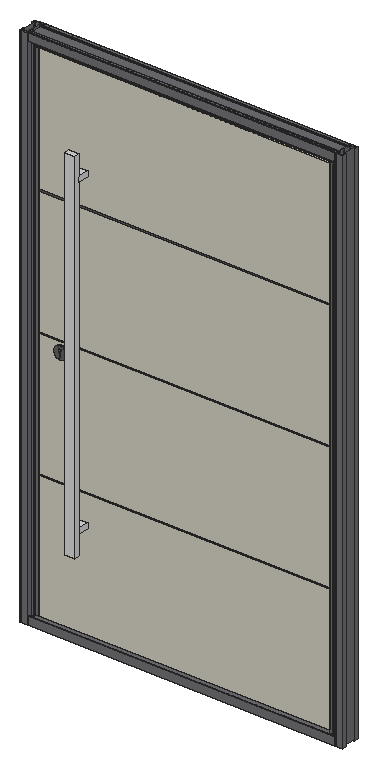
Revit family "YC1321P C7 CHAM RH", category Doors, host Wall, Revit 2024
Family settings
  Host = Wall
  OmniClass Number = 23.30.10.00
  OmniClass Title = Doors
  Always vertical = Yes
  Cut with Voids When Loaded = No
  Shared = No
  Room Calculation Point = No
Parameters
  Function = Interior
  Frame Projection Ext. = 25 mm
  Frame Projection Int. = 25 mm
  Frame Width = 75 mm
  Height = 2120 mm
  Wall Closure = By host
  Width = 1290 mm
  Analytic Construction = "<None>"
Reference planes
  plane 1: y = 0
  plane 2 "Center (Left/Right)": x = 0
  plane 3 "Left": x = -645
  plane 4 "Right": x = 645
  plane 5: z = 2120
  plane 6 "Exterior": y = 75
  plane 7 "Interior": y = -75
  plane 8: z = 33.5
Forms (mm)
  Sweep 1, solid, material "ALUMINIUM CHAR (TEST)"
    path origin (0, 75, 0) x (1, 0, 0) y (0, 0, 1)
      loop
        line (-601.2, 30) -> (-601.2, 2075) -> (600, 2075) -> (600, 30)
    profile origin (-0.6, 75, 2075) x (0, 0, 1) y (0, -1, 0)
      loop
        line (15, 55) -> (2.8, 55) -> (2.8, 61.5) -> (0.5, 61.5) -> (0.5, 88.5) -> (2.8, 88.5) -> (2.8, 95) -> (15, 95) -> (15, 97) -> (-0.5, 97)
        arc (-0.5, 97) -> (-1.207, 96.707) -> (-1.5, 96) r 1
        line (-1.5, 96) -> (-1.5, 93.9) -> (-0.5, 93.9) -> (-0.5, 95) -> (1, 95) -> (1, 90.5) -> (-0.5, 90.5) -> (-0.5, 91.631) -> (-1.5, 91.631) -> (-1.5, 58.369) -> (-0.5, 58.369) -> (-0.5, 59.5) -> (1, 59.5) -> (1, 55) -> (-0.5, 55) -> (-0.5, 56.1) -> (-1.5, 56.1) -> (-1.5, 54)
        arc (-1.5, 54) -> (-1.207, 53.293) -> (-0.5, 53) r 1
        line (-0.5, 53) -> (15, 53) -> (15, 55)
  Extrusion 2, solid, material "ALUMINIUM CHAR (TEST)"
    sketch origin (0, 0, 0) x (0, 1, 0) y (0, 0, 1)
      loop
        line (37.5, 2120) -> (22, 2120) -> (22, 2118.5) -> (24.5, 2118.5) -> (24.5, 2115.5) -> (-24.5, 2115.5) -> (-24.5, 2118.5) -> (-22, 2118.5) -> (-22, 2120) -> (-37.5, 2120) -> (-37.5, 2090) -> (-4.189, 2090) -> (7.651, 2090) -> (37.5, 2090) -> (37.5, 2120)
      loop
        line (32.168, 2118.2) -> (30.896, 2116.928) -> (29.5, 2118.324) -> (28, 2116.824) -> (26.3, 2118.524) -> (26.3, 2115.8)
        arc (26.3, 2115.8) -> (25.685, 2114.315) -> (24.2, 2113.7) r 2.1
        line (24.2, 2113.7) -> (-24.2, 2113.7)
        arc (-24.2, 2113.7) -> (-25.685, 2114.315) -> (-26.3, 2115.8) r 2.1
        line (-26.3, 2115.8) -> (-26.3, 2118.524) -> (-28, 2116.824) -> (-29.5, 2118.324) -> (-30.896, 2116.928) -> (-32.168, 2118.2) -> (-35.6, 2118.2) -> (-35.6, 2091.8) -> (-32.168, 2091.8) -> (-30.896, 2093.072) -> (-29.5, 2091.676) -> (-28, 2093.176) -> (-26.624, 2091.8) -> (-19.438, 2091.8) -> (26.624, 2091.8) -> (28, 2093.176) -> (29.5, 2091.676) -> (30.896, 2093.072) -> (32.168, 2091.8) -> (35.6, 2091.8) -> (35.6, 2118.2) -> (32.168, 2118.2)
      loop
        line (37.5, 0) -> (37.5, 30) -> (7.651, 30) -> (-4.189, 30) -> (-37.5, 30) -> (-37.5, 0) -> (-22, 0) -> (-22, 1.5) -> (-24.5, 1.5) -> (-24.5, 4.5) -> (24.5, 4.5) -> (24.5, 1.5) -> (22, 1.5) -> (22, 0) -> (37.5, 0)
      loop
        line (32.168, 1.8) -> (35.6, 1.8) -> (35.6, 28.2) -> (32.168, 28.2) -> (30.896, 26.928) -> (29.5, 28.324) -> (28, 26.824) -> (26.624, 28.2) -> (-19.438, 28.2) -> (-26.624, 28.2) -> (-28, 26.824) -> (-29.5, 28.324) -> (-30.896, 26.928) -> (-32.168, 28.2) -> (-35.6, 28.2) -> (-35.6, 1.8) -> (-32.168, 1.8) -> (-30.896, 3.072) -> (-29.5, 1.676) -> (-28, 3.176) -> (-26.3, 1.476) -> (-26.3, 4.2)
        arc (-26.3, 4.2) -> (-25.685, 5.685) -> (-24.2, 6.3) r 2.1
        line (-24.2, 6.3) -> (24.2, 6.3)
        arc (24.2, 6.3) -> (25.685, 5.685) -> (26.3, 4.2) r 2.1
        line (26.3, 4.2) -> (26.3, 1.476) -> (28, 3.176) -> (29.5, 1.676) -> (30.896, 3.072) -> (32.168, 1.8)
    from -615 to 615
  Extrusion 3, solid, material "ALUMINIUM CHAR (TEST)"
    sketch origin (0, 0, 30) x (1, 0, 0) y (0, 1, 0)
      loop
        arc (598.5, 21) -> (597.5, 22) -> (596.5, 21) r 1
        line (596.5, 21) -> (596.5, -21.179)
        arc (596.5, -21.179) -> (596.26, -21.76) -> (595.679, -22) r 0.821
        line (595.679, -22) -> (584.5, -22)
        arc (584.5, -22) -> (583.5, -23) -> (584.5, -24) r 1
        line (584.5, -24) -> (597.679, -24)
        arc (597.679, -24) -> (598.26, -23.76) -> (598.5, -23.179) r 0.821
        line (598.5, -23.179) -> (598.5, 21)
      loop
        arc (-599.7, -21) -> (-598.7, -22) -> (-597.7, -21) r 1
        line (-597.7, -21) -> (-597.7, 21.179)
        arc (-597.7, 21.179) -> (-597.459, 21.76) -> (-596.879, 22) r 0.821
        line (-596.879, 22) -> (-585.7, 22)
        arc (-585.7, 22) -> (-584.7, 23) -> (-585.7, 24) r 1
        line (-585.7, 24) -> (-598.879, 24)
        arc (-598.879, 24) -> (-599.459, 23.76) -> (-599.7, 23.179) r 0.821
        line (-599.7, 23.179) -> (-599.7, -21)
    from 0 to 2043.5
  Extrusion 4, solid, material "ALUMINIUM CHAR (TEST)"
    sketch origin (-25, 22, 130) x (1, 0, 0) y (0, 0, 1)
      loop
        line (620, 1939) -> (608, 1939) -> (608, -94) -> (620, -94) -> (620, 1939)
      loop
        line (-570, 1939) -> (-570, -94) -> (-558, -94) -> (-558, 1939) -> (-570, 1939)
    from 0 to 44
  Extrusion 5, solid, material "ALUMINIUM (CHAMPAGNE TEST)"
    sketch origin (-25, 22, 130) x (1, 0, 0) y (0, 0, 1)
      loop
        line (608, 1939) -> (-558, 1939) -> (-558, -94) -> (608, -94) -> (608, 1939)
    from 0 to 4
  Extrusion 6, solid, material "ALUMINIUM (CHAMPAGNE TEST)"
    sketch origin (-25, -22, 130) x (1, 0, 0) y (0, 0, -1)
      loop
        line (608, -1939) -> (608, 94) -> (-558, 94) -> (-558, -1939) -> (608, -1939)
    from 0 to 4
  Extrusion 7, solid, material "ALUMINIUM BLACK (TEST)"
    sketch origin (885.466, 22.873, 859.37) x (0.681998, 0, 0.731354) y (-0.731354, 0, 0.681998)
      loop
        line (308.833, 701.562) -> (-486.377, 1554.32) -> (-489.303, 1551.592) -> (305.907, 698.834) -> (308.833, 701.562)
      loop
        line (-63.646, 354.22) -> (-858.856, 1206.978) -> (-861.781, 1204.25) -> (-66.571, 351.492) -> (-63.646, 354.22)
      loop
        line (-436.124, 6.878) -> (-1231.334, 859.637) -> (-1234.26, 856.909) -> (-439.049, 4.15) -> (-436.124, 6.878)
    from 0 to 0.873
  Extrusion 8, solid, material "ALUMINIUM BLACK (TEST)"
    sketch origin (405.722, 27.873, -123.123) x (1, 0, 0) y (0, 0, 1)
      loop
        circle (-896.954, 1135.623) r 25
    from 0 to 5
  Extrusion 9, solid, material "ALUMINIUM BLACK (TEST)"
    sketch origin (405.722, -27.873, -123.123) x (1, 0, 0) y (0, 0, -1)
      loop
        circle (-896.954, -1135.623) r 25
    from 0 to 5
  Extrusion 10, solid, material "Stainless Steel Lever Handle"
    sketch origin (-1264.348, 72.873, -21.123) x (-1, 0, 0) y (0, 0, -1)
      loop
        line (-878.538, -1720) -> (-838.538, -1720) -> (-838.538, -1700) -> (-878.538, -1700) -> (-878.538, -1720)
      loop
        line (-878.538, -440) -> (-878.538, -460) -> (-838.538, -460) -> (-838.538, -440) -> (-878.538, -440)
    from 5 to 50
  Extrusion 11, solid, material "Stainless Steel Lever Handle"
    sketch origin (14.789, 87.873, 223.877) x (1, 0, 0) y (0, 0, 1)
      loop
        line (-400.6, 115) -> (-400.6, 1555) -> (-440.6, 1555) -> (-440.6, 115) -> (-400.6, 115)
    from 0 to 20
  Extrusion 12, solid, material "Stainless Steel Lever Handle"
    sketch origin (-1264.348, -72.873, -21.123) x (-1, 0, 0) y (0, 0, 1)
      loop
        line (-878.538, 1720) -> (-878.538, 1700) -> (-838.538, 1700) -> (-838.538, 1720) -> (-878.538, 1720)
      loop
        line (-878.538, 440) -> (-838.538, 440) -> (-838.538, 460) -> (-878.538, 460) -> (-878.538, 440)
    from 5 to 50
  Extrusion 13, solid, material "Stainless Steel Lever Handle"
    sketch origin (14.789, -87.873, 223.877) x (1, 0, 0) y (0, 0, -1)
      loop
        line (-400.6, -115) -> (-440.6, -115) -> (-440.6, -1555) -> (-400.6, -1555) -> (-400.6, -115)
    from 0 to 20
  Extrusion 14, void
    sketch origin (140.5, 67.873, -123.123) x (1, 0, 0) y (0, 0, 1)
      loop
        arc (-634.732, 1122.18) -> (-631.732, 1119.18) -> (-628.732, 1122.18) r 3
        line (-628.732, 1122.18) -> (-628.732, 1136.773)
        arc (-628.732, 1136.773) -> (-631.732, 1150.865) -> (-634.732, 1136.773) r 7.365
        line (-634.732, 1136.773) -> (-634.732, 1122.18)
    from 40 to 45
  Extrusion 15, void
    sketch origin (140.5, -67.873, -123.123) x (1, 0, 0) y (0, 0, -1)
      loop
        line (-634.732, -1122.18) -> (-634.732, -1136.773)
        arc (-634.732, -1136.773) -> (-631.732, -1150.865) -> (-628.732, -1136.773) r 7.365
        line (-628.732, -1136.773) -> (-628.732, -1122.18)
        arc (-628.732, -1122.18) -> (-631.732, -1119.18) -> (-634.732, -1122.18) r 3
    from 40 to 45
  Extrusion 16, solid, material "ALUMINIUM CHAR (TEST)"
    sketch origin (0, 0, 0) x (1, 0, 0) y (0, 1, 0)
      loop
        line (-645, 37.5) -> (-645, 22) -> (-643.5, 22) -> (-643.5, 24.5) -> (-640.5, 24.5) -> (-640.5, -24.5) -> (-643.5, -24.5) -> (-643.5, -22) -> (-645, -22) -> (-645, -37.5) -> (-615, -37.5) -> (-615, -17) -> (-615.993, -17) -> (-616.394, -18.496) -> (-617.6, -18.496) -> (-617.6, -0.254) -> (-616.306, -0.254) -> (-616.066, -3) -> (-615, -3) -> (-615, 37.5) -> (-645, 37.5)
      loop
        line (-616.8, 26.624) -> (-618.176, 28) -> (-616.676, 29.5) -> (-618.072, 30.896) -> (-616.8, 32.168) -> (-616.8, 35.6) -> (-643.2, 35.6) -> (-643.2, 32.168) -> (-641.928, 30.896) -> (-643.324, 29.5) -> (-641.824, 28) -> (-643.524, 26.3) -> (-640.8, 26.3)
        arc (-640.8, 26.3) -> (-639.315, 25.685) -> (-638.7, 24.2) r 2.1
        line (-638.7, 24.2) -> (-638.7, -24.2)
        arc (-638.7, -24.2) -> (-639.315, -25.685) -> (-640.8, -26.3) r 2.1
        line (-640.8, -26.3) -> (-643.524, -26.3) -> (-641.824, -28) -> (-643.324, -29.5) -> (-641.928, -30.896) -> (-643.2, -32.168) -> (-643.2, -35.6) -> (-616.8, -35.6) -> (-616.8, -32.168) -> (-618.072, -30.896) -> (-616.676, -29.5) -> (-618.176, -28) -> (-616.8, -26.624) -> (-616.8, -20.239)
        arc (-616.8, -20.239) -> (-618.596, -19.852) -> (-619.4, -18.2) r 2.1
        line (-619.4, -18.2) -> (-619.4, -0.55)
        arc (-619.4, -0.55) -> (-618.596, 1.102) -> (-616.8, 1.49) r 2.1
        line (-616.8, 1.49) -> (-616.8, 26.624)
      loop
        line (645, 37.5) -> (615, 37.5) -> (615, -3) -> (616.066, -3) -> (616.306, -0.254) -> (617.6, -0.254) -> (617.6, -18.496) -> (616.394, -18.496) -> (615.993, -17) -> (615, -17) -> (615, -37.5) -> (645, -37.5) -> (645, -22) -> (643.5, -22) -> (643.5, -24.5) -> (640.5, -24.5) -> (640.5, 24.5) -> (643.5, 24.5) -> (643.5, 22) -> (645, 22) -> (645, 37.5)
      loop
        line (616.8, 26.624) -> (616.8, 1.49)
        arc (616.8, 1.49) -> (618.596, 1.102) -> (619.4, -0.55) r 2.1
        line (619.4, -0.55) -> (619.4, -18.2)
        arc (619.4, -18.2) -> (618.596, -19.852) -> (616.8, -20.239) r 2.1
        line (616.8, -20.239) -> (616.8, -26.624) -> (618.176, -28) -> (616.676, -29.5) -> (618.072, -30.896) -> (616.8, -32.168) -> (616.8, -35.6) -> (643.2, -35.6) -> (643.2, -32.168) -> (641.928, -30.896) -> (643.324, -29.5) -> (641.824, -28) -> (643.524, -26.3) -> (640.8, -26.3)
        arc (640.8, -26.3) -> (639.315, -25.685) -> (638.7, -24.2) r 2.1
        line (638.7, -24.2) -> (638.7, 24.2)
        arc (638.7, 24.2) -> (639.315, 25.685) -> (640.8, 26.3) r 2.1
        line (640.8, 26.3) -> (643.524, 26.3) -> (641.824, 28) -> (643.324, 29.5) -> (641.928, 30.896) -> (643.2, 32.168) -> (643.2, 35.6) -> (616.8, 35.6) -> (616.8, 32.168) -> (618.072, 30.896) -> (616.676, 29.5) -> (618.176, 28) -> (616.8, 26.624)
    from 0 to 2120
  Extrusion 17, solid, material "ALUMINIUM BLACK (TEST)"
    sketch origin (885.466, -22.873, 859.37) x (0.681998, 0, 0.731354) y (0.731354, 0, -0.681998)
      loop
        line (308.833, -701.562) -> (305.907, -698.834) -> (-489.303, -1551.592) -> (-486.377, -1554.32) -> (308.833, -701.562)
      loop
        line (-63.646, -354.22) -> (-66.571, -351.492) -> (-861.781, -1204.25) -> (-858.856, -1206.978) -> (-63.646, -354.22)
      loop
        line (-436.124, -6.878) -> (-439.049, -4.15) -> (-1234.26, -856.909) -> (-1231.334, -859.637) -> (-436.124, -6.878)
    from 0 to 0.873
Cuts and joins
  Extrusion 14 cuts Extrusion 8
  Extrusion 15 cuts Extrusion 9
Lines and regions (mm)
  Opening 1
    outline origin (-5000, -75, 0) x (1, 0, 0) y (0, 0, 1)
      loop
        line (4355, 0) -> (5645, 0) -> (5645, 2120) -> (4355, 2120) -> (4355, 0)
  model lines
    curve 1: line (-602.851, 22.5, 0) -> (602.851, 22.5, 0)
    curve 2: line (-603, -13, 0) -> (603, -13, 0)
    curve 8: line (300, -22.5, 0) -> (300, -925.5, 0)
    curve 9: arc (-603, -22.5, 0) -> (-338.517, -661.017, 0) -> (300, -925.5, 0) r 903
    curve 10: line (300, 13, 0) -> (300, 316, 0)
    curve 11: arc (300, 316, 0) -> (514.253, 227.253, 0) -> (603, 13, 0) r 303
  symbolic lines, style "Elevation Swing"
    curve 3: line (-645, -75, 1060) -> (300, -75, 2078)
    curve 4: line (-645, -75, 1060) -> (300, -75, 0)
    curve 5: line (603, -75, 1045) -> (300, -75, 2078)
    curve 6: line (603, -75, 1045) -> (300, -75, 0)
  model lines, style "Elevation Swing"
    curve 7: line (300, 0, 0) -> (300, 0, 2078)
Text (mm)
  text "Exterior" at (-2295.016, 1099.543, 0), in view "Ref. Level"
  text "Exterior" at (0, 1615.38, 3698.081), in view "Left"
  text "Exterior" at (0, 1036.032, 3874.932), in view "Right"
Dimensions and locks
  equal spacing: plane 3 "Left", plane 2 "Center (Left/Right)", plane 4 "Right"
  "Width": plane 3 "Left" to plane 4 "Right"
  "Height": plane 5 to host wall
  host wall to plane 5 = 2120 mm  (x2)
  locked: plane 6 "Exterior" to host wall
  locked: plane 7 "Interior" to host wall
  plane 3 "Left" to plane 4 "Right" = 1290 mm  (x2)
  aligned and locked: plane 1 to host wall
  aligned and locked: Opening 1 sketch curve to level
Automatic sketch dimensions
  curve 7 to level = 0 mm
  plane 5 to curve 7 = 42 mm
  plane 2 "Center (Left/Right)" to curve 7 = 300 mm
  plane 3 "Left" to curve 4 = 0 mm
  curve 4 to level = 0 mm
  plane 2 "Center (Left/Right)" to curve 4 = 300 mm
  plane 5 to curve 5 = 42 mm
  plane 2 "Center (Left/Right)" to curve 5 = 300 mm
  plane 4 "Right" to curve 6 = 42 mm
  plane 8 to curve 5 = 1011.5 mm
  plane 8 to curve 4 = 1026.5 mm
  plane 2 "Center (Left/Right)" to curve 8 = 300 mm
  curve 11 to host wall = 13 mm
  curve 11 to curve 8 = 0 mm
  host wall to curve 9 = 22.5 mm
  host wall to curve 8 = 850.5 mm
  host wall to curve 10 = 241 mm
  curve 1 to plane 3 "Left" = 42.149 mm
  curve 2 to curve 9 = 0 mm
  curve 1 to curve 11 = 0.149 mm
  curve 2 to curve 11 = 0 mm
  host wall to curve 2 = 13 mm
  curve 8 to curve 9 = 0 mm
  curve 10 to curve 11 = 0 mm
  plane 3 "Left" to Opening 1 sketch curve = 0 mm
  plane 4 "Right" to Opening 1 sketch curve = 0 mm
  Opening 1 sketch curve to plane 5 = 0 mm
  Sweep 1 sketch curve to plane 3 "Left" = 43.8 mm
  plane 4 "Right" to Sweep 1 sketch curve = 45 mm
  plane 5 to Sweep 1 sketch curve = 45 mm
  Sweep 1 sketch curve to plane 8 = 3.5 mm  (x2)
  profile plane to Sweep 1 sketch curve = 1.5 mm  (x3)
  profile plane to Sweep 1 sketch curve = 0.5 mm  (x6)
  Sweep 1 sketch curve to profile plane = 0.5 mm
  Sweep 1 sketch curve to profile plane = 1 mm  (x2)
  Sweep 1 sketch curve to Sweep 1 sketch curve = 1.8 mm
  Sweep 1 sketch curve to Sweep 1 sketch curve = 2.3 mm
  Sweep 1 sketch curve to Sweep 1 sketch curve = 12.2 mm  (x2)
  profile plane to Sweep 1 sketch curve = 53 mm
  Sweep 1 sketch curve to Sweep 1 sketch curve = 1 mm  (x3)
  Sweep 1 sketch curve to Sweep 1 sketch curve = 1.1 mm  (x2)
  Sweep 1 sketch curve to Sweep 1 sketch curve = 2.269 mm  (x2)
  Sweep 1 sketch curve to Sweep 1 sketch curve = 1.131 mm  (x2)
  Sweep 1 sketch curve to Sweep 1 sketch curve = 2 mm  (x2)
  Sweep 1 sketch curve to Sweep 1 sketch curve = 27 mm
  Sweep 1 sketch curve to Sweep 1 sketch curve = 6.5 mm
  Extrusion 2 sketch curve to level = 0 mm  (x2)
  plane 5 to Extrusion 2 sketch curve = 0 mm  (x2)
  host wall to Extrusion 2 sketch curve = 37.5 mm  (x2)
  Extrusion 2 sketch curve to plane 8 = 3.5 mm
  Extrusion 2 sketch curve to Extrusion 2 sketch curve = 1.9 mm  (x4)
  Extrusion 2 sketch curve to Extrusion 2 sketch curve = 3.432 mm  (x6)
  Extrusion 2 sketch curve to plane 8 = 5.3 mm  (x2)
  plane 5 to Extrusion 2 sketch curve = 3.072 mm  (x2)
  Extrusion 2 sketch curve to Extrusion 2 sketch curve = 1.272 mm  (x11)
  Extrusion 2 sketch curve to plane 8 = 6.572 mm  (x2)
  level to Extrusion 2 sketch curve = 3.072 mm  (x2)
  Extrusion 2 sketch curve to Extrusion 2 sketch curve = 1.396 mm  (x7)
  Extrusion 2 sketch curve to plane 8 = 5.176 mm  (x2)
  plane 5 to Extrusion 2 sketch curve = 1.676 mm  (x2)
  level to Extrusion 2 sketch curve = 1.676 mm  (x2)
  plane 5 to Extrusion 2 sketch curve = 3.176 mm  (x2)
  Extrusion 2 sketch curve to Extrusion 2 sketch curve = 1.5 mm  (x4)
  level to Extrusion 2 sketch curve = 3.176 mm  (x2)
  Extrusion 2 sketch curve to plane 8 = 6.676 mm  (x2)
  Extrusion 2 sketch curve to Extrusion 2 sketch curve = 1.376 mm  (x4)
  Extrusion 2 sketch curve to Extrusion 2 sketch curve = 1.7 mm  (x4)
  Extrusion 2 sketch curve to Extrusion 2 sketch curve = 1.8 mm  (x4)
  Extrusion 2 sketch curve to Extrusion 2 sketch curve = 0.3 mm  (x6)
  Extrusion 2 sketch curve to Extrusion 2 sketch curve = 2.5 mm  (x2)
  Extrusion 2 sketch curve to Extrusion 2 sketch curve = 7.186 mm  (x2)
  host wall to Extrusion 2 sketch curve = 4.189 mm  (x2)
  Extrusion 2 sketch curve to host wall = 7.651 mm  (x2)
  level to Extrusion 2 sketch curve = 1.5 mm  (x2)
  Extrusion 2 sketch curve to host wall = 22 mm  (x2)
  Extrusion 2 sketch curve to Extrusion 2 sketch curve = 2.2 mm  (x2)
  plane 5 to Extrusion 2 sketch curve = 1.476 mm
  level to Extrusion 2 sketch curve = 1.476 mm
  Extrusion 2 sketch curve to Extrusion 2 sketch curve = 18.973 mm  (x2)
  Extrusion 2 sketch curve to Extrusion 2 sketch curve = 1.024 mm
  Extrusion 2 sketch curve to Extrusion 2 sketch curve = 26.928 mm
  Extrusion 2 sketch curve to Extrusion 2 sketch curve = 1.676 mm  (x2)
  Extrusion 2 sketch curve to Extrusion 2 sketch curve = 0.124 mm  (x2)
  Extrusion 2 sketch curve to Extrusion 2 sketch curve = 3.124 mm
  plane 5 to Extrusion 2 sketch curve = 1.5 mm  (x2)
  Extrusion 3 sketch curve to plane 3 "Left" = 45.3 mm
  Extrusion 3 sketch curve to Extrusion 3 sketch curve = 0.821 mm  (x4)
  Extrusion 3 sketch curve to Extrusion 3 sketch curve = 1 mm  (x4)
  Extrusion 3 sketch curve to Extrusion 3 sketch curve = 11.179 mm  (x2)
  host wall to Extrusion 3 sketch curve = 24 mm
  plane 4 "Right" to Extrusion 3 sketch curve = 60.5 mm
  host wall to Extrusion 3 sketch curve = 21 mm
  Extrusion 3 sketch curve to host wall = 21 mm
  Extrusion 3 sketch curve to host wall = 21.179 mm
  Extrusion 4 sketch curve to plane 3 "Left" = 50 mm
  plane 8 to Extrusion 4 sketch curve = 2.5 mm  (x2)
  Extrusion 4 sketch curve to Extrusion 4 sketch curve = 12 mm  (x2)
  plane 4 "Right" to Extrusion 4 sketch curve = 62 mm
  plane 5 to Extrusion 4 sketch curve = 51 mm  (x2)
  Extrusion 5 sketch curve to plane 3 "Left" = 62 mm
  plane 8 to Extrusion 5 sketch curve = 2.5 mm
  plane 4 "Right" to Extrusion 5 sketch curve = 62 mm
  plane 5 to Extrusion 5 sketch curve = 51 mm
  Extrusion 6 sketch curve to plane 3 "Left" = 62 mm
  plane 8 to Extrusion 6 sketch curve = 2.5 mm
  plane 4 "Right" to Extrusion 6 sketch curve = 62 mm
  plane 5 to Extrusion 6 sketch curve = 51 mm
  Extrusion 7 sketch curve to plane 3 "Left" = 62 mm
  plane 8 to Extrusion 7 sketch curve = 507.6 mm
  Extrusion 7 sketch curve to Extrusion 7 sketch curve = 2.925 mm  (x3)
  Extrusion 7 sketch curve to Extrusion 7 sketch curve = 369.553 mm  (x4)
  Extrusion 7 sketch curve to Extrusion 7 sketch curve = 795.21 mm
  Extrusion 7 sketch curve to Extrusion 7 sketch curve = 155.347 mm
  Extrusion 7 sketch curve to Extrusion 7 sketch curve = 2.728 mm  (x2)
  Extrusion 7 sketch curve to Extrusion 7 sketch curve = 344.614 mm  (x2)
  Extrusion 8 sketch curve to plane 3 "Left" = 153.768 mm
  plane 8 to Extrusion 8 sketch curve = 979 mm
  Extrusion 9 sketch curve to plane 3 "Left" = 153.768 mm
  plane 8 to Extrusion 9 sketch curve = 979 mm
  Extrusion 10 sketch curve to plane 3 "Left" = 259.19 mm  (x2)
  Extrusion 10 sketch curve to Extrusion 10 sketch curve = 40 mm  (x2)
  plane 5 to Extrusion 10 sketch curve = 421.123 mm
  Extrusion 10 sketch curve to Extrusion 10 sketch curve = 20 mm  (x2)
  plane 8 to Extrusion 10 sketch curve = 405.377 mm
  Extrusion 11 sketch curve to plane 3 "Left" = 219.19 mm
  Extrusion 11 sketch curve to Extrusion 11 sketch curve = 40 mm
  plane 8 to Extrusion 11 sketch curve = 305.377 mm
  plane 5 to Extrusion 11 sketch curve = 341.123 mm
  Extrusion 12 sketch curve to plane 3 "Left" = 259.19 mm  (x2)
  Extrusion 12 sketch curve to Extrusion 12 sketch curve = 40 mm  (x2)
  plane 8 to Extrusion 12 sketch curve = 385.377 mm
  Extrusion 12 sketch curve to Extrusion 12 sketch curve = 20 mm  (x2)
  plane 5 to Extrusion 12 sketch curve = 441.123 mm
  Extrusion 13 sketch curve to plane 3 "Left" = 219.19 mm
  Extrusion 13 sketch curve to Extrusion 13 sketch curve = 40 mm
  plane 5 to Extrusion 13 sketch curve = 341.123 mm
  plane 8 to Extrusion 13 sketch curve = 305.377 mm
  Extrusion 14 sketch curve to plane 3 "Left" = 150.768 mm
  Extrusion 14 sketch curve to Extrusion 14 sketch curve = 3 mm  (x2)
  plane 8 to Extrusion 14 sketch curve = 965.558 mm
  Extrusion 14 sketch curve to Extrusion 14 sketch curve = 14.593 mm
  Extrusion 14 sketch curve to Extrusion 14 sketch curve = 6.726 mm
  Extrusion 15 sketch curve to plane 3 "Left" = 150.768 mm
  Extrusion 15 sketch curve to Extrusion 15 sketch curve = 3 mm  (x2)
  plane 8 to Extrusion 15 sketch curve = 986.877 mm
  Extrusion 15 sketch curve to Extrusion 15 sketch curve = 6.726 mm
  Extrusion 15 sketch curve to Extrusion 15 sketch curve = 14.593 mm
  Extrusion 16 sketch curve to plane 3 "Left" = 0 mm  (x2)
  Extrusion 16 sketch curve to plane 4 "Right" = 0 mm  (x2)
  Extrusion 16 sketch curve to plane 3 "Left" = 1.476 mm  (x2)
  Extrusion 16 sketch curve to plane 3 "Left" = 1.5 mm  (x2)
  Extrusion 16 sketch curve to plane 3 "Left" = 1.676 mm  (x2)
  Extrusion 16 sketch curve to plane 3 "Left" = 1.8 mm  (x2)
  Extrusion 16 sketch curve to Extrusion 16 sketch curve = 1.272 mm  (x12)
  Extrusion 16 sketch curve to Extrusion 16 sketch curve = 1.5 mm  (x4)
  Extrusion 16 sketch curve to Extrusion 16 sketch curve = 1.024 mm  (x4)
  Extrusion 16 sketch curve to Extrusion 16 sketch curve = 0.3 mm  (x8)
  Extrusion 16 sketch curve to Extrusion 16 sketch curve = 1.8 mm  (x8)
  host wall to Extrusion 16 sketch curve = 0.55 mm  (x2)
  Extrusion 16 sketch curve to plane 3 "Left" = 25.6 mm
  Extrusion 16 sketch curve to Extrusion 16 sketch curve = 20.524 mm
  Extrusion 16 sketch curve to Extrusion 16 sketch curve = 1.224 mm
  Extrusion 16 sketch curve to Extrusion 16 sketch curve = 0.104 mm  (x4)
  Extrusion 16 sketch curve to Extrusion 16 sketch curve = 1.376 mm  (x8)
  Extrusion 16 sketch curve to Extrusion 16 sketch curve = 1.396 mm  (x6)
  Extrusion 16 sketch curve to Extrusion 16 sketch curve = 0.906 mm  (x2)
  host wall to Extrusion 16 sketch curve = 0.254 mm  (x2)
  Extrusion 16 sketch curve to Extrusion 16 sketch curve = 0.994 mm  (x2)
  Extrusion 16 sketch curve to Extrusion 16 sketch curve = 1.234 mm
  Extrusion 16 sketch curve to Extrusion 16 sketch curve = 0.401 mm  (x2)
  Extrusion 16 sketch curve to Extrusion 16 sketch curve = 30 mm
  Extrusion 16 sketch curve to Extrusion 16 sketch curve = 0 mm
  Extrusion 16 sketch curve to Extrusion 16 sketch curve = 0.993 mm
  Extrusion 16 sketch curve to Extrusion 16 sketch curve = 1.066 mm
  Extrusion 16 sketch curve to Extrusion 16 sketch curve = 0.24 mm
  Extrusion 16 sketch curve to Extrusion 16 sketch curve = 1.676 mm  (x2)
  Extrusion 16 sketch curve to Extrusion 16 sketch curve = 0.124 mm  (x4)
  plane 4 "Right" to Extrusion 16 sketch curve = 6.3 mm
  plane 4 "Right" to Extrusion 16 sketch curve = 1.676 mm  (x2)
  plane 4 "Right" to Extrusion 16 sketch curve = 1.5 mm  (x2)
  plane 4 "Right" to Extrusion 16 sketch curve = 1.476 mm  (x2)
  Extrusion 16 sketch curve to Extrusion 16 sketch curve = 2.45 mm  (x2)
  Extrusion 16 sketch curve to Extrusion 16 sketch curve = 14 mm  (x2)
  Extrusion 16 sketch curve to Extrusion 16 sketch curve = 1.2 mm  (x2)
  Extrusion 16 sketch curve to Extrusion 16 sketch curve = 0.296 mm  (x2)
  host wall to Extrusion 16 sketch curve = 22 mm  (x2)
  Extrusion 16 sketch curve to Extrusion 16 sketch curve = 2.2 mm  (x4)
  Extrusion 16 sketch curve to Extrusion 16 sketch curve = 6.385 mm  (x2)
  Extrusion 16 sketch curve to Extrusion 16 sketch curve = 1.7 mm  (x4)
  Extrusion 16 sketch curve to Extrusion 16 sketch curve = 3.432 mm  (x4)
  Extrusion 16 sketch curve to Extrusion 16 sketch curve = 1.9 mm  (x4)
  Extrusion 16 sketch curve to host wall = 22 mm  (x2)
  Extrusion 16 sketch curve to Extrusion 16 sketch curve = 2.424 mm  (x2)
  Extrusion 17 sketch curve to plane 3 "Left" = 62 mm
  plane 8 to Extrusion 17 sketch curve = 507.6 mm
  Extrusion 17 sketch curve to Extrusion 17 sketch curve = 2.925 mm  (x3)
  Extrusion 17 sketch curve to Extrusion 17 sketch curve = 369.553 mm  (x4)
  Extrusion 17 sketch curve to Extrusion 17 sketch curve = 795.21 mm
  Extrusion 17 sketch curve to Extrusion 17 sketch curve = 2.728 mm  (x3)
  Extrusion 17 sketch curve to Extrusion 17 sketch curve = 344.614 mm  (x2)
  radius of Extrusion 8 sketch curve = 25 mm
  radius of Extrusion 9 sketch curve = 25 mm
